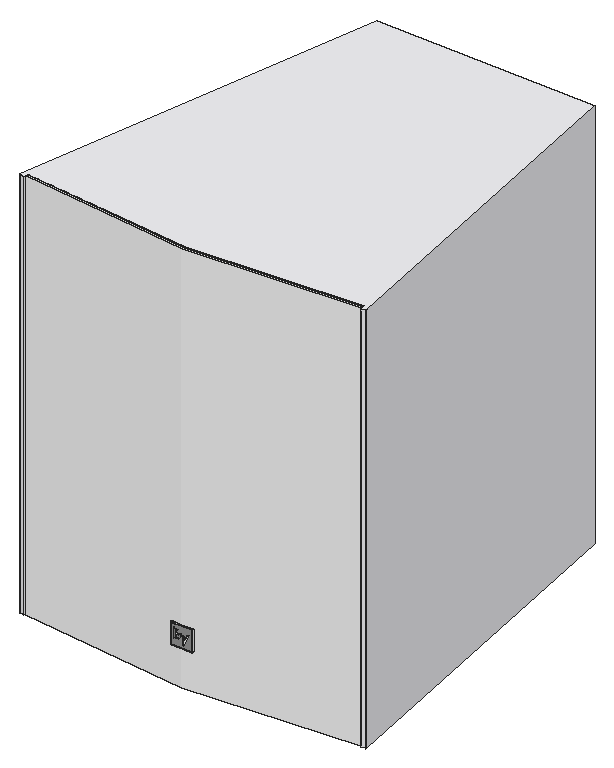
Revit family "EVF-1181S", category Communication Devices, Revit 2017
Family settings
  Maintain Annotation Orientation = Yes
  Round Connector Dimension = Use Diameter
  Part Type = Normal
  OmniClass Number = 23.85.10.11.11.21
  OmniClass Title = Speakers
  Work Plane-Based = Yes
  Always vertical = Yes
  Cut with Voids When Loaded = No
  Shared = No
  Room Calculation Point = No
Parameters (values of type "EVF1181SWLB_White_1X18_Subwoofer_System")
  Version = "1"
  Uniclass2015Code = "Pr_60_75_08_02"
  URL = ""
  ProductInformation = "https://www.electrovoice.com/binary/LIT000291.pdf"
  PlanningTools = "https://www.electrovoice.com/product.php?id=963#downloads"
  ModelNumber = "F.01U.272.555"
  Model = ""
  MaterialRALColour = "RAL9010"
  ManufacturerURL = "https://www.electrovoice.com"
  Manufacturer = "Electro Voice"
  LoudspeakerMaterial [instance] = 13-plyWeather-resistantBirchEVCoat -RAL9010
  GrillMaterial [instance] = 16GA Powder-coatedGalvanneal - W
  FrontLength = 675.64 mm  # constant formula
  Default Elevation = 0.00 mm
  CTN = "EVF1181SWLB"
  BackLength = 426.39 mm  # constant formula
  InstallationManual = "https://www.electrovoice.com/binary/LIT000291.pdf"
  IfcExportType = "IfcBuildingElementProxyType"
  IfcExportAs = "IfcBuildingElementProxy"
  Height = 768.55 mm  # constant formula
  Disclaimer = "http://resource.boschsecurity.com/information/BIM/Disclaimer_Electrovoice.pdf"
  Description = "EVS18SB 457mm LF Transducer. 99 dB Sensitivity, 131 dB Maximum SPL. System Rating: 400W Continuous, 1600W Peak.  (28) M10 threaded suspension points."
  Depth = 726.38 mm  # constant formula
  ArchitectsAndEngineersSpecs = "https://www.electrovoice.com/binary/LIT000291.pdf"
Reference planes
  plane 1 "Center (Front/Back)": y = 0
  plane 2: z = 0
  plane 3 "Center (Left/Right)": x = 0
Forms (mm)
  Extrusion 1, solid
    sketch origin (-218.808, 253.121, 151.949) x (0, 0, 1) y (0, -1, 0)
      loop
        line (-20.634, 250.621) -> (-5.289, 250.621) -> (-5.289, 253.121) -> (-20.634, 253.121) -> (-20.634, 250.621)
    from 217.781 to 244.634
  Extrusion 2, solid, material "16GA Powder-coatedGalvanneal - W" <- "GrillMaterial", detail levels medium+fine
    sketch origin (-0.165, -226.499, 0) x (1, 0, 0) y (0, 1, 0)
      loop
        line (-327.575, -483.206) -> (-328.443, -488.13)
        arc (-328.443, -488.13) -> (0.165, -515.973) -> (328.773, -488.13) r 1953.055
        line (328.773, -488.13) -> (327.905, -483.206)
        arc (327.905, -483.206) -> (0.165, -510.973) -> (-327.575, -483.206) r 1948.055
    from 0 to 768.55
  Extrusion 3, solid, material "13-plyWeather-resistantBirchEVCoat -RAL9010" <- "LoudspeakerMaterial"
    sketch origin (24.276, -254.036, 0) x (-1, 0, 0) y (0, -1, 0)
      loop
        line (-188.919, -254.036) -> (237.471, -254.036) -> (363.419, 460.251) -> (362.097, 461.573)
        arc (362.097, 461.573) -> (357.925, 462.299) -> (353.752, 463.016) r 1958.055
        line (353.752, 463.016) -> (352.016, 453.168)
        arc (352.016, 453.168) -> (24.276, 480.935) -> (-303.464, 453.168) r 1948.055
        line (-303.464, 453.168) -> (-305.201, 463.016)
        arc (-305.201, 463.016) -> (-309.374, 462.299) -> (-313.545, 461.573) r 1958.055
        line (-313.545, 461.573) -> (-314.867, 460.251) -> (-188.919, -254.036)
    from 0 to 768.55
Lines and regions (mm)
  model lines, detail levels medium+fine
    curve 1: circle (0.003, -37.857, 768.55) r 11.11 normal (0, 0, -1)
    curve 2: circle (0.003, -37.857, 768.55) r 11.06 normal (0, 0, -1)
    curve 3: circle (0.003, -37.857, 768.55) r 8.06 normal (0, 0, -1)
    curve 4: line (-204.394, -7.673, 768.55) -> (204.394, -7.673, 768.55)
    curve 5: line (-327.74, -707.204, 768.55) -> (-204.394, -7.673, 768.55)
    curve 6: line (327.74, -707.204, 768.55) -> (204.394, -7.673, 768.55)
    curve 8: circle (-236.14, -357.439, 768.55) r 11.11 normal (0, 0, -1)
    curve 9: circle (-236.14, -357.439, 768.55) r 11.06 normal (0, 0, -1)
    curve 10: circle (-236.14, -357.439, 768.55) r 8.06 normal (0, 0, -1)
    curve 11: circle (-192.728, -111.237, 768.55) r 11.11 normal (0, 0, -1)
    curve 12: circle (-192.728, -111.237, 768.55) r 11.06 normal (0, 0, -1)
    curve 13: circle (-192.728, -111.237, 768.55) r 8.06 normal (0, 0, -1)
    curve 14: circle (-279.552, -603.641, 768.55) r 11.11 normal (0, 0, -1)
    curve 15: circle (-279.552, -603.641, 768.55) r 11.06 normal (0, 0, -1)
    curve 16: circle (-279.552, -603.641, 768.55) r 8.06 normal (0, 0, -1)
    curve 17: circle (236.14, -357.439, 768.55) r 11.11 normal (0, 0, 1)
    curve 18: circle (236.14, -357.439, 768.55) r 11.06 normal (0, 0, 1)
    curve 19: circle (236.14, -357.439, 768.55) r 8.06 normal (0, 0, 1)
    curve 20: circle (192.728, -111.237, 768.55) r 11.11 normal (0, 0, 1)
    curve 21: circle (192.728, -111.237, 768.55) r 11.06 normal (0, 0, 1)
    curve 22: circle (192.728, -111.237, 768.55) r 8.06 normal (0, 0, 1)
    curve 23: circle (279.552, -603.641, 768.55) r 11.11 normal (0, 0, 1)
    curve 24: circle (279.552, -603.641, 768.55) r 11.06 normal (0, 0, 1)
    curve 25: circle (279.552, -603.641, 768.55) r 8.06 normal (0, 0, 1)
    curve 26: line (-213.195, 0, 768.55) -> (-204.394, -7.673, 768.55)
    curve 27: line (213.195, 0, 768.55) -> (204.394, -7.673, 768.55)
    curve 29: circle (333.357, -681.474, 659.32) r 8 normal (0.9848, 0.1736, 0)
    curve 32: circle (333.357, -681.474, 471.473) r 8 normal (0.9848, 0.1736, 0)
    curve 35: circle (333.357, -681.474, 296.473) r 8 normal (0.9848, 0.1736, 0)
    curve 38: circle (333.357, -681.474, 108.973) r 8 normal (0.9848, 0.1736, 0)
    curve 40: circle (318.42, -596.762, 738.55) r 12 normal (0.9848, 0.1736, 0)
    curve 42: circle (275.008, -350.56, 738.55) r 12 normal (0.9848, 0.1736, 0)
    curve 44: circle (231.596, -104.358, 738.55) r 12 normal (0.9848, 0.1736, 0)
    curve 46: circle (318.42, -596.762, 30) r 12 normal (-0.9848, -0.1736, 0)
    curve 48: circle (275.008, -350.56, 30) r 12 normal (-0.9848, -0.1736, 0)
    curve 50: circle (231.596, -104.358, 30) r 12 normal (-0.9848, -0.1736, 0)
    curve 52: circle (-333.354, -681.455, 659.338) r 8 normal (0.9848, -0.1736, 0)
    curve 53: circle (-333.357, -681.474, 659.32) r 8 normal (0.9848, -0.1736, 0)
    curve 55: circle (-333.354, -681.455, 471.49) r 8 normal (0.9848, -0.1736, 0)
    curve 56: circle (-333.357, -681.474, 471.473) r 8 normal (0.9848, -0.1736, 0)
    curve 58: circle (-333.354, -681.455, 296.49) r 8 normal (0.9848, -0.1736, 0)
    curve 59: circle (-333.357, -681.474, 296.473) r 8 normal (0.9848, -0.1736, 0)
    curve 61: circle (-333.354, -681.455, 108.99) r 8 normal (0.9848, -0.1736, 0)
    curve 62: circle (-333.357, -681.474, 108.973) r 8 normal (0.9848, -0.1736, 0)
    curve 64: circle (-318.42, -596.762, 738.55) r 12 normal (0.9848, -0.1736, 0)
    curve 66: circle (-275.008, -350.56, 738.55) r 12 normal (0.9848, -0.1736, 0)
    curve 68: circle (-231.596, -104.358, 738.55) r 12 normal (0.9848, -0.1736, 0)
    curve 70: circle (-318.42, -596.762, 30) r 12 normal (-0.9848, 0.1736, 0)
    curve 72: circle (-275.008, -350.56, 30) r 12 normal (-0.9848, 0.1736, 0)
    curve 74: circle (-231.596, -104.358, 30) r 12 normal (-0.9848, 0.1736, 0)
  model lines
    curve 7: line (-440.583, -450.191, 0) -> (-440.583, -450.691, 0)
    curve 28: circle (333.354, -681.455, 659.338) r 8 normal (0.9848, 0.1736, 0)
    curve 31: circle (333.354, -681.455, 471.49) r 8 normal (0.9848, 0.1736, 0)
    curve 34: circle (333.354, -681.455, 296.49) r 8 normal (0.9848, 0.1736, 0)
    curve 37: circle (333.354, -681.455, 108.99) r 8 normal (0.9848, 0.1736, 0)
  model lines, detail levels fine
    curve 30: circle (333.357, -681.474, 659.32) r 6 normal (0.9848, 0.1736, 0)
    curve 33: circle (333.357, -681.474, 471.473) r 6 normal (0.9848, 0.1736, 0)
    curve 36: circle (333.357, -681.474, 296.473) r 6 normal (0.9848, 0.1736, 0)
    curve 39: circle (333.357, -681.474, 108.973) r 6 normal (0.9848, 0.1736, 0)
    curve 41: circle (318.42, -596.762, 738.55) r 8 normal (0.9848, 0.1736, 0)
    curve 43: circle (275.008, -350.56, 738.55) r 8 normal (0.9848, 0.1736, 0)
    curve 45: circle (231.596, -104.358, 738.55) r 8 normal (0.9848, 0.1736, 0)
    curve 47: circle (318.42, -596.762, 30) r 8 normal (-0.9848, -0.1736, 0)
    curve 49: circle (275.008, -350.56, 30) r 8 normal (-0.9848, -0.1736, 0)
    curve 51: circle (231.596, -104.358, 30) r 8 normal (-0.9848, -0.1736, 0)
    curve 54: circle (-333.357, -681.474, 659.32) r 6 normal (0.9848, -0.1736, 0)
    curve 57: circle (-333.357, -681.474, 471.473) r 6 normal (0.9848, -0.1736, 0)
    curve 60: circle (-333.357, -681.474, 296.473) r 6 normal (0.9848, -0.1736, 0)
    curve 63: circle (-333.357, -681.474, 108.973) r 6 normal (0.9848, -0.1736, 0)
    curve 65: circle (-318.42, -596.762, 738.55) r 8 normal (0.9848, -0.1736, 0)
    curve 67: circle (-275.008, -350.56, 738.55) r 8 normal (0.9848, -0.1736, 0)
    curve 69: circle (-231.596, -104.358, 738.55) r 8 normal (0.9848, -0.1736, 0)
    curve 71: circle (-318.42, -596.762, 30) r 8 normal (-0.9848, 0.1736, 0)
    curve 73: circle (-275.008, -350.56, 30) r 8 normal (-0.9848, 0.1736, 0)
    curve 75: circle (-231.596, -104.358, 30) r 8 normal (-0.9848, 0.1736, 0)
  model lines, not visible
    curve 76: circle (333.354, -681.455, 659.338) r 8 normal (0.9848, 0.1736, 0)
    curve 79: circle (333.354, -681.455, 471.49) r 8 normal (0.9848, 0.1736, 0)
    curve 82: circle (333.354, -681.455, 296.49) r 8 normal (0.9848, 0.1736, 0)
    curve 85: circle (333.354, -681.455, 108.99) r 8 normal (0.9848, 0.1736, 0)
  model lines, not visible, detail levels medium+fine
    curve 77: circle (333.357, -681.474, 659.32) r 8 normal (0.9848, 0.1736, 0)
    curve 80: circle (333.357, -681.474, 471.473) r 8 normal (0.9848, 0.1736, 0)
    curve 83: circle (333.357, -681.474, 296.473) r 8 normal (0.9848, 0.1736, 0)
    curve 86: circle (333.357, -681.474, 108.973) r 8 normal (0.9848, 0.1736, 0)
    curve 88: circle (318.42, -596.762, 738.55) r 12 normal (0.9848, 0.1736, 0)
    curve 90: circle (275.008, -350.56, 738.55) r 12 normal (0.9848, 0.1736, 0)
    curve 92: circle (231.596, -104.358, 738.55) r 12 normal (0.9848, 0.1736, 0)
    curve 94: circle (318.42, -596.762, 30) r 12 normal (-0.9848, -0.1736, 0)
    curve 96: circle (275.008, -350.56, 30) r 12 normal (-0.9848, -0.1736, 0)
    curve 98: circle (231.596, -104.358, 30) r 12 normal (-0.9848, -0.1736, 0)
    curve 100: circle (-333.354, -681.455, 659.338) r 8 normal (0.9848, -0.1736, 0)
    curve 101: circle (-333.357, -681.474, 659.32) r 8 normal (0.9848, -0.1736, 0)
    curve 103: circle (-333.354, -681.455, 471.49) r 8 normal (0.9848, -0.1736, 0)
    curve 104: circle (-333.357, -681.474, 471.473) r 8 normal (0.9848, -0.1736, 0)
    curve 106: circle (-333.354, -681.455, 296.49) r 8 normal (0.9848, -0.1736, 0)
    curve 107: circle (-333.357, -681.474, 296.473) r 8 normal (0.9848, -0.1736, 0)
    curve 109: circle (-333.354, -681.455, 108.99) r 8 normal (0.9848, -0.1736, 0)
    curve 110: circle (-333.357, -681.474, 108.973) r 8 normal (0.9848, -0.1736, 0)
    curve 112: circle (-318.42, -596.762, 738.55) r 12 normal (0.9848, -0.1736, 0)
    curve 114: circle (-275.008, -350.56, 738.55) r 12 normal (0.9848, -0.1736, 0)
    curve 116: circle (-231.596, -104.358, 738.55) r 12 normal (0.9848, -0.1736, 0)
    curve 118: circle (-318.42, -596.762, 30) r 12 normal (-0.9848, 0.1736, 0)
    curve 120: circle (-275.008, -350.56, 30) r 12 normal (-0.9848, 0.1736, 0)
    curve 122: circle (-231.596, -104.358, 30) r 12 normal (-0.9848, 0.1736, 0)
    curve 124: circle (0.003, -37.857, 768.55) r 11.11 normal (0, 0, -1)
    curve 125: circle (0.003, -37.857, 768.55) r 11.06 normal (0, 0, -1)
    curve 126: circle (0.003, -37.857, 768.55) r 8.06 normal (0, 0, -1)
    curve 127: line (-204.394, -7.673, 768.55) -> (204.394, -7.673, 768.55)
    curve 128: line (-327.74, -707.204, 768.55) -> (-204.394, -7.673, 768.55)
    curve 129: line (327.74, -707.204, 768.55) -> (204.394, -7.673, 768.55)
    curve 130: circle (-236.14, -357.439, 768.55) r 11.11 normal (0, 0, -1)
    curve 131: circle (-236.14, -357.439, 768.55) r 11.06 normal (0, 0, -1)
    curve 132: circle (-236.14, -357.439, 768.55) r 8.06 normal (0, 0, -1)
    curve 133: circle (-192.728, -111.237, 768.55) r 11.11 normal (0, 0, -1)
    curve 134: circle (-192.728, -111.237, 768.55) r 11.06 normal (0, 0, -1)
    curve 135: circle (-192.728, -111.237, 768.55) r 8.06 normal (0, 0, -1)
    curve 136: circle (-279.552, -603.641, 768.55) r 11.11 normal (0, 0, -1)
    curve 137: circle (-279.552, -603.641, 768.55) r 11.06 normal (0, 0, -1)
    curve 138: circle (-279.552, -603.641, 768.55) r 8.06 normal (0, 0, -1)
    curve 139: circle (236.14, -357.439, 768.55) r 11.11 normal (0, 0, 1)
    curve 140: circle (236.14, -357.439, 768.55) r 11.06 normal (0, 0, 1)
    curve 141: circle (236.14, -357.439, 768.55) r 8.06 normal (0, 0, 1)
    curve 142: circle (192.728, -111.237, 768.55) r 11.11 normal (0, 0, 1)
    curve 143: circle (192.728, -111.237, 768.55) r 11.06 normal (0, 0, 1)
    curve 144: circle (192.728, -111.237, 768.55) r 8.06 normal (0, 0, 1)
    curve 145: circle (279.552, -603.641, 768.55) r 11.11 normal (0, 0, 1)
    curve 146: circle (279.552, -603.641, 768.55) r 11.06 normal (0, 0, 1)
    curve 147: circle (279.552, -603.641, 768.55) r 8.06 normal (0, 0, 1)
    curve 148: line (-213.195, 0, 768.55) -> (-204.394, -7.673, 768.55)
    curve 149: line (213.195, 0, 768.55) -> (204.394, -7.673, 768.55)
  model lines, not visible, detail levels fine
    curve 78: circle (333.357, -681.474, 659.32) r 6 normal (0.9848, 0.1736, 0)
    curve 81: circle (333.357, -681.474, 471.473) r 6 normal (0.9848, 0.1736, 0)
    curve 84: circle (333.357, -681.474, 296.473) r 6 normal (0.9848, 0.1736, 0)
    curve 87: circle (333.357, -681.474, 108.973) r 6 normal (0.9848, 0.1736, 0)
    curve 89: circle (318.42, -596.762, 738.55) r 8 normal (0.9848, 0.1736, 0)
    curve 91: circle (275.008, -350.56, 738.55) r 8 normal (0.9848, 0.1736, 0)
    curve 93: circle (231.596, -104.358, 738.55) r 8 normal (0.9848, 0.1736, 0)
    curve 95: circle (318.42, -596.762, 30) r 8 normal (-0.9848, -0.1736, 0)
    curve 97: circle (275.008, -350.56, 30) r 8 normal (-0.9848, -0.1736, 0)
    curve 99: circle (231.596, -104.358, 30) r 8 normal (-0.9848, -0.1736, 0)
    curve 102: circle (-333.357, -681.474, 659.32) r 6 normal (0.9848, -0.1736, 0)
    curve 105: circle (-333.357, -681.474, 471.473) r 6 normal (0.9848, -0.1736, 0)
    curve 108: circle (-333.357, -681.474, 296.473) r 6 normal (0.9848, -0.1736, 0)
    curve 111: circle (-333.357, -681.474, 108.973) r 6 normal (0.9848, -0.1736, 0)
    curve 113: circle (-318.42, -596.762, 738.55) r 8 normal (0.9848, -0.1736, 0)
    curve 115: circle (-275.008, -350.56, 738.55) r 8 normal (0.9848, -0.1736, 0)
    curve 117: circle (-231.596, -104.358, 738.55) r 8 normal (0.9848, -0.1736, 0)
    curve 119: circle (-318.42, -596.762, 30) r 8 normal (-0.9848, 0.1736, 0)
    curve 121: circle (-275.008, -350.56, 30) r 8 normal (-0.9848, 0.1736, 0)
    curve 123: circle (-231.596, -104.358, 30) r 8 normal (-0.9848, 0.1736, 0)
Dimensions and locks
  "Height": Extrusion 3 to Extrusion 3
  "Height": Extrusion 2 to Extrusion 3
  "BackLength": Extrusion 3 to Extrusion 3
  "Depth": Extrusion 3 to Extrusion 3
  "FrontLength": Extrusion 3 to Extrusion 3
  angle Extrusion 3 to Extrusion 3 = 20.00°
  aligned and locked: plane 2 to level
Automatic sketch dimensions
  Extrusion 1 sketch curve to plane 1 "Center (Front/Back)" = 0.00 mm
  level to Extrusion 1 sketch curve = 131.315 mm
  Extrusion 1 sketch curve to Extrusion 1 sketch curve = 15.346 mm
  Extrusion 1 sketch curve to plane 1 "Center (Front/Back)" = 2.50 mm
  plane 3 "Center (Left/Right)" to Extrusion 2 sketch curve = 0.00 mm
  plane 3 "Center (Left/Right)" to Extrusion 2 sketch curve = 327.74 mm
  Extrusion 2 sketch curve to Extrusion 2 sketch curve = 0.868 mm  (x2)
  plane 1 "Center (Front/Back)" to Extrusion 2 sketch curve = 714.628 mm
  Extrusion 2 sketch curve to Extrusion 2 sketch curve = 0.00 mm  (x3)
  Extrusion 2 sketch curve to plane 1 "Center (Front/Back)" = 1210.583 mm
  plane 1 "Center (Front/Back)" to curve 7 = 450.691 mm
  curve 7 to curve 7 = 0.50 mm
  curve 7 to plane 3 "Center (Left/Right)" = 440.583 mm
  Extrusion 2 sketch curve to Extrusion 2 sketch curve = 4.924 mm
  curve 1 to curve 2 = 0.00 mm  (x2)
  curve 1 to curve 3 = 0.00 mm  (x2)
  curve 2 to curve 3 = 0.00 mm  (x2)
  curve 8 to curve 9 = 0.00 mm  (x2)
  curve 8 to curve 10 = 0.00 mm  (x2)
  curve 9 to curve 10 = 0.00 mm  (x2)
  curve 11 to curve 12 = 0.00 mm  (x2)
  curve 11 to curve 13 = 0.00 mm  (x2)
  curve 12 to curve 13 = 0.00 mm  (x2)
  curve 14 to curve 15 = 0.00 mm  (x2)
  curve 14 to curve 16 = 0.00 mm  (x2)
  curve 15 to curve 16 = 0.00 mm  (x2)
  curve 17 to curve 18 = 0.00 mm  (x2)
  curve 17 to curve 19 = 0.00 mm  (x2)
  curve 18 to curve 19 = 0.00 mm  (x2)
  curve 20 to curve 21 = 0.00 mm  (x2)
  curve 20 to curve 22 = 0.00 mm  (x2)
  curve 21 to curve 22 = 0.00 mm  (x2)
  curve 23 to curve 24 = 0.00 mm  (x2)
  curve 23 to curve 25 = 0.00 mm  (x2)
  curve 24 to curve 25 = 0.00 mm  (x2)
  curve 14 to curve 10 = 43.412 mm
  curve 8 to curve 4 = 31.747 mm
  curve 4 to curve 13 = 11.666 mm
  curve 11 to curve 1 = 192.731 mm
  curve 1 to curve 20 = 192.725 mm
  curve 20 to curve 27 = 11.666 mm
  curve 20 to curve 18 = 43.412 mm
  curve 17 to curve 23 = 43.412 mm
  curve 14 to curve 23 = 0.00 mm
  curve 14 to curve 8 = 246.202 mm
  curve 23 to curve 19 = 246.202 mm
  curve 8 to curve 13 = 246.202 mm
  curve 17 to curve 20 = 246.202 mm
  curve 20 to curve 1 = 73.379 mm
  curve 11 to curve 5 = 103.564 mm
  curve 5 to curve 14 = 48.188 mm
  curve 26 to curve 26 = 8.801 mm
  curve 4 to curve 27 = 8.801 mm
  curve 23 to curve 6 = 48.188 mm
  curve 6 to curve 23 = 103.564 mm
  curve 5 to curve 14 = 103.564 mm
  curve 4 to curve 27 = 7.673 mm
  curve 26 to curve 26 = 7.673 mm
  curve 29 to curve 30 = 0.00 mm  (x2)
  curve 32 to curve 33 = 0.00 mm  (x2)
  curve 35 to curve 36 = 0.00 mm  (x2)
  curve 38 to curve 39 = 0.00 mm  (x2)
  curve 40 to curve 41 = 0.00 mm  (x2)
  curve 42 to curve 43 = 0.00 mm  (x2)
  curve 44 to curve 45 = 0.00 mm  (x2)
  curve 46 to curve 47 = 0.00 mm  (x2)
  curve 48 to curve 49 = 0.00 mm  (x2)
  curve 50 to curve 51 = 0.00 mm  (x2)
  curve 29 to curve 38 = 0.00 mm
  curve 36 to curve 38 = 0.00 mm
  curve 32 to curve 35 = 0.00 mm
  curve 38 to curve 37 = 0.019 mm
  curve 32 to curve 31 = 0.019 mm
  curve 35 to curve 34 = 0.019 mm
  curve 29 to curve 28 = 0.019 mm
  curve 28 to curve 40 = 86.00 mm
  curve 37 to curve 47 = 86.00 mm
  curve 46 to curve 48 = 250.00 mm
  curve 40 to curve 43 = 250.00 mm
  curve 42 to curve 45 = 250.00 mm
  curve 48 to curve 50 = 250.00 mm
  curve 50 to curve 47 = 0.00 mm
  curve 50 to curve 48 = 0.00 mm
  curve 46 to curve 38 = 78.973 mm
  curve 38 to curve 37 = 0.018 mm
  curve 37 to curve 36 = 187.482 mm
  curve 35 to curve 34 = 0.018 mm
  curve 34 to curve 32 = 174.982 mm
  curve 32 to curve 31 = 0.018 mm
  curve 31 to curve 29 = 187.83 mm
  curve 29 to curve 28 = 0.018 mm
  curve 28 to curve 44 = 79.212 mm
  curve 44 to curve 43 = 0.00 mm
  curve 28 to curve 41 = 79.212 mm
  curve 53 to curve 54 = 0.00 mm  (x2)
  curve 56 to curve 57 = 0.00 mm  (x2)
  curve 59 to curve 60 = 0.00 mm  (x2)
  curve 62 to curve 63 = 0.00 mm  (x2)
  curve 64 to curve 65 = 0.00 mm  (x2)
  curve 66 to curve 67 = 0.00 mm  (x2)
  curve 68 to curve 69 = 0.00 mm  (x2)
  curve 70 to curve 71 = 0.00 mm  (x2)
  curve 72 to curve 73 = 0.00 mm  (x2)
  curve 74 to curve 75 = 0.00 mm  (x2)
  curve 53 to curve 62 = 0.00 mm
  curve 60 to curve 62 = 0.00 mm
  curve 56 to curve 59 = 0.00 mm
  curve 62 to curve 61 = 0.019 mm
  curve 56 to curve 55 = 0.019 mm
  curve 59 to curve 58 = 0.019 mm
  curve 53 to curve 52 = 0.019 mm
  curve 52 to curve 64 = 86.00 mm
  curve 61 to curve 71 = 86.00 mm
  curve 70 to curve 72 = 250.00 mm
  curve 64 to curve 67 = 250.00 mm
  curve 66 to curve 69 = 250.00 mm
  curve 72 to curve 74 = 250.00 mm
  curve 67 to curve 68 = 0.00 mm
  curve 65 to curve 66 = 0.00 mm
  curve 64 to curve 52 = 79.212 mm
  curve 52 to curve 54 = 0.018 mm
  curve 53 to curve 55 = 187.83 mm
  curve 55 to curve 57 = 0.018 mm
  curve 56 to curve 58 = 174.982 mm
  curve 58 to curve 59 = 0.018 mm
  curve 59 to curve 61 = 187.482 mm
  curve 61 to curve 62 = 0.018 mm
  curve 61 to curve 70 = 78.99 mm
  curve 70 to curve 72 = 0.00 mm
  curve 72 to curve 74 = 0.00 mm
  curve 77 to curve 78 = 0.00 mm  (x2)
  curve 80 to curve 81 = 0.00 mm  (x2)
  curve 83 to curve 84 = 0.00 mm  (x2)
  curve 86 to curve 87 = 0.00 mm  (x2)
  curve 88 to curve 89 = 0.00 mm  (x2)
  curve 90 to curve 91 = 0.00 mm  (x2)
  curve 92 to curve 93 = 0.00 mm  (x2)
  curve 94 to curve 95 = 0.00 mm  (x2)
  curve 96 to curve 97 = 0.00 mm  (x2)
  curve 98 to curve 99 = 0.00 mm  (x2)
  curve 77 to curve 86 = 0.00 mm
  curve 84 to curve 86 = 0.00 mm
  curve 80 to curve 83 = 0.00 mm
  curve 86 to curve 85 = 0.019 mm
  curve 80 to curve 79 = 0.019 mm
  curve 83 to curve 82 = 0.019 mm
  curve 77 to curve 76 = 0.019 mm
  curve 76 to curve 88 = 86.00 mm
  curve 85 to curve 95 = 86.00 mm
  curve 94 to curve 96 = 250.00 mm
  curve 88 to curve 91 = 250.00 mm
  curve 90 to curve 93 = 250.00 mm
  curve 96 to curve 98 = 250.00 mm
  curve 98 to curve 95 = 0.00 mm
  curve 98 to curve 96 = 0.00 mm
  curve 94 to curve 86 = 78.973 mm
  curve 86 to curve 85 = 0.018 mm
  curve 85 to curve 84 = 187.482 mm
  curve 83 to curve 82 = 0.018 mm
  curve 82 to curve 80 = 174.982 mm
  curve 80 to curve 79 = 0.018 mm
  curve 79 to curve 77 = 187.83 mm
  curve 77 to curve 76 = 0.018 mm
  curve 76 to curve 92 = 79.212 mm
  curve 92 to curve 91 = 0.00 mm
  curve 76 to curve 89 = 79.212 mm
  curve 101 to curve 102 = 0.00 mm  (x2)
  curve 104 to curve 105 = 0.00 mm  (x2)
  curve 107 to curve 108 = 0.00 mm  (x2)
  curve 110 to curve 111 = 0.00 mm  (x2)
  curve 112 to curve 113 = 0.00 mm  (x2)
  curve 114 to curve 115 = 0.00 mm  (x2)
  curve 116 to curve 117 = 0.00 mm  (x2)
  curve 118 to curve 119 = 0.00 mm  (x2)
  curve 120 to curve 121 = 0.00 mm  (x2)
  curve 122 to curve 123 = 0.00 mm  (x2)
  curve 101 to curve 110 = 0.00 mm
  curve 108 to curve 110 = 0.00 mm
  curve 104 to curve 107 = 0.00 mm
  curve 110 to curve 109 = 0.019 mm
  curve 104 to curve 103 = 0.019 mm
  curve 107 to curve 106 = 0.019 mm
  curve 101 to curve 100 = 0.019 mm
  curve 100 to curve 112 = 86.00 mm
  curve 109 to curve 119 = 86.00 mm
  curve 118 to curve 120 = 250.00 mm
  curve 112 to curve 115 = 250.00 mm
  curve 114 to curve 117 = 250.00 mm
  curve 120 to curve 122 = 250.00 mm
  curve 115 to curve 116 = 0.00 mm
  curve 113 to curve 114 = 0.00 mm
  curve 112 to curve 100 = 79.212 mm
  curve 100 to curve 102 = 0.018 mm
  curve 101 to curve 103 = 187.83 mm
  curve 103 to curve 105 = 0.018 mm
  curve 104 to curve 106 = 174.982 mm
  curve 106 to curve 107 = 0.018 mm
  curve 107 to curve 109 = 187.482 mm
  curve 109 to curve 110 = 0.018 mm
  curve 109 to curve 118 = 78.99 mm
  curve 118 to curve 120 = 0.00 mm
  curve 120 to curve 122 = 0.00 mm
  curve 124 to curve 125 = 0.00 mm  (x2)
  curve 124 to curve 126 = 0.00 mm  (x2)
  curve 125 to curve 126 = 0.00 mm  (x2)
  curve 130 to curve 131 = 0.00 mm  (x2)
  curve 130 to curve 132 = 0.00 mm  (x2)
  curve 131 to curve 132 = 0.00 mm  (x2)
  curve 133 to curve 134 = 0.00 mm  (x2)
  curve 133 to curve 135 = 0.00 mm  (x2)
  curve 134 to curve 135 = 0.00 mm  (x2)
  curve 136 to curve 137 = 0.00 mm  (x2)
  curve 136 to curve 138 = 0.00 mm  (x2)
  curve 137 to curve 138 = 0.00 mm  (x2)
  curve 139 to curve 140 = 0.00 mm  (x2)
  curve 139 to curve 141 = 0.00 mm  (x2)
  curve 140 to curve 141 = 0.00 mm  (x2)
  curve 142 to curve 143 = 0.00 mm  (x2)
  curve 142 to curve 144 = 0.00 mm  (x2)
  curve 143 to curve 144 = 0.00 mm  (x2)
  curve 145 to curve 146 = 0.00 mm  (x2)
  curve 145 to curve 147 = 0.00 mm  (x2)
  curve 146 to curve 147 = 0.00 mm  (x2)
  curve 136 to curve 132 = 43.412 mm
  curve 130 to curve 127 = 31.747 mm
  curve 127 to curve 135 = 11.666 mm
  curve 133 to curve 124 = 192.731 mm
  curve 124 to curve 142 = 192.725 mm
  curve 142 to curve 149 = 11.666 mm
  curve 142 to curve 140 = 43.412 mm
  curve 139 to curve 145 = 43.412 mm
  curve 136 to curve 145 = 0.00 mm
  curve 136 to curve 130 = 246.202 mm
  curve 145 to curve 141 = 246.202 mm
  curve 130 to curve 135 = 246.202 mm
  curve 139 to curve 142 = 246.202 mm
  curve 142 to curve 124 = 73.379 mm
  curve 133 to curve 128 = 103.564 mm
  curve 128 to curve 136 = 48.188 mm
  curve 148 to curve 148 = 8.801 mm
  curve 127 to curve 149 = 8.801 mm
  curve 145 to curve 129 = 48.188 mm
  curve 129 to curve 145 = 103.564 mm
  curve 128 to curve 136 = 103.564 mm
  curve 127 to curve 149 = 7.673 mm
  curve 148 to curve 148 = 7.673 mm
  Extrusion 3 sketch curve to Extrusion 3 sketch curve = 0.00 mm  (x4)
  plane 1 "Center (Front/Back)" to Extrusion 3 sketch curve = 0.00 mm
  Extrusion 3 sketch curve to plane 3 "Center (Left/Right)" = 0.00 mm
  plane 3 "Center (Left/Right)" to Extrusion 3 sketch curve = 213.195 mm
  plane 3 "Center (Left/Right)" to Extrusion 3 sketch curve = 327.74 mm
  Extrusion 3 sketch curve to Extrusion 3 sketch curve = 1.737 mm  (x2)
  Extrusion 3 sketch curve to Extrusion 3 sketch curve = 1.322 mm  (x3)
  Extrusion 3 sketch curve to plane 3 "Center (Left/Right)" = 213.195 mm
  Extrusion 3 sketch curve to plane 3 "Center (Left/Right)" = 327.74 mm
  Extrusion 3 sketch curve to Extrusion 3 sketch curve = 8.345 mm
  Extrusion 3 sketch curve to plane 1 "Center (Front/Back)" = 1213.083 mm
  plane 1 "Center (Front/Back)" to Extrusion 3 sketch curve = 707.204 mm
  Extrusion 3 sketch curve to Extrusion 3 sketch curve = 7.083 mm  (x2)
  Extrusion 3 sketch curve to Extrusion 3 sketch curve = 9.667 mm
  Extrusion 3 sketch curve to Extrusion 3 sketch curve = 9.848 mm
  radius of curve 1 = 11.11 mm
  radius of curve 2 = 11.06 mm
  radius of curve 3 = 8.06 mm
  radius of curve 8 = 11.11 mm
  radius of curve 9 = 11.06 mm
  radius of curve 10 = 8.06 mm
  radius of curve 11 = 11.11 mm
  radius of curve 12 = 11.06 mm
  radius of curve 13 = 8.06 mm
  radius of curve 14 = 11.11 mm
  radius of curve 15 = 11.06 mm
  radius of curve 16 = 8.06 mm
  radius of curve 17 = 11.11 mm
  radius of curve 18 = 11.06 mm
  radius of curve 19 = 8.06 mm
  radius of curve 20 = 11.11 mm
  radius of curve 21 = 11.06 mm
  radius of curve 22 = 8.06 mm
  radius of curve 23 = 11.11 mm
  radius of curve 24 = 11.06 mm
  radius of curve 25 = 8.06 mm
  radius of curve 28 = 8.00 mm
  radius of curve 29 = 8.00 mm
  radius of curve 30 = 6.00 mm
  radius of curve 31 = 8.00 mm
  radius of curve 32 = 8.00 mm
  radius of curve 33 = 6.00 mm
  radius of curve 34 = 8.00 mm
  radius of curve 35 = 8.00 mm
  radius of curve 36 = 6.00 mm
  radius of curve 37 = 8.00 mm
  radius of curve 38 = 8.00 mm
  radius of curve 39 = 6.00 mm
  radius of curve 40 = 12.00 mm
  radius of curve 41 = 8.00 mm
  radius of curve 42 = 12.00 mm
  radius of curve 43 = 8.00 mm
  radius of curve 44 = 12.00 mm
  radius of curve 45 = 8.00 mm
  radius of curve 46 = 12.00 mm
  radius of curve 47 = 8.00 mm
  radius of curve 48 = 12.00 mm
  radius of curve 49 = 8.00 mm
  radius of curve 50 = 12.00 mm
  radius of curve 51 = 8.00 mm
  radius of curve 52 = 8.00 mm
  radius of curve 53 = 8.00 mm
  radius of curve 54 = 6.00 mm
  radius of curve 55 = 8.00 mm
  radius of curve 56 = 8.00 mm
  radius of curve 57 = 6.00 mm
  radius of curve 58 = 8.00 mm
  radius of curve 59 = 8.00 mm
  radius of curve 60 = 6.00 mm
  radius of curve 61 = 8.00 mm
  radius of curve 62 = 8.00 mm
  radius of curve 63 = 6.00 mm
  radius of curve 64 = 12.00 mm
  radius of curve 65 = 8.00 mm
  radius of curve 66 = 12.00 mm
  radius of curve 67 = 8.00 mm
  radius of curve 68 = 12.00 mm
  radius of curve 69 = 8.00 mm
  radius of curve 70 = 12.00 mm
  radius of curve 71 = 8.00 mm
  radius of curve 72 = 12.00 mm
  radius of curve 73 = 8.00 mm
  radius of curve 74 = 12.00 mm
  radius of curve 75 = 8.00 mm
  radius of curve 76 = 8.00 mm
  radius of curve 77 = 8.00 mm
  radius of curve 78 = 6.00 mm
  radius of curve 79 = 8.00 mm
  radius of curve 80 = 8.00 mm
  radius of curve 81 = 6.00 mm
  radius of curve 82 = 8.00 mm
  radius of curve 83 = 8.00 mm
  radius of curve 84 = 6.00 mm
  radius of curve 85 = 8.00 mm
  radius of curve 86 = 8.00 mm
  radius of curve 87 = 6.00 mm
  radius of curve 88 = 12.00 mm
  radius of curve 89 = 8.00 mm
  radius of curve 90 = 12.00 mm
  radius of curve 91 = 8.00 mm
  radius of curve 92 = 12.00 mm
  radius of curve 93 = 8.00 mm
  radius of curve 94 = 12.00 mm
  radius of curve 95 = 8.00 mm
  radius of curve 96 = 12.00 mm
  radius of curve 97 = 8.00 mm
  radius of curve 98 = 12.00 mm
  radius of curve 99 = 8.00 mm
  radius of curve 100 = 8.00 mm
  radius of curve 101 = 8.00 mm
  radius of curve 102 = 6.00 mm
  radius of curve 103 = 8.00 mm
  radius of curve 104 = 8.00 mm
  radius of curve 105 = 6.00 mm
  radius of curve 106 = 8.00 mm
  radius of curve 107 = 8.00 mm
  radius of curve 108 = 6.00 mm
  radius of curve 109 = 8.00 mm
  radius of curve 110 = 8.00 mm
  radius of curve 111 = 6.00 mm
  radius of curve 112 = 12.00 mm
  radius of curve 113 = 8.00 mm
  radius of curve 114 = 12.00 mm
  radius of curve 115 = 8.00 mm
  radius of curve 116 = 12.00 mm
  radius of curve 117 = 8.00 mm
  radius of curve 118 = 12.00 mm
  radius of curve 119 = 8.00 mm
  radius of curve 120 = 12.00 mm
  radius of curve 121 = 8.00 mm
  radius of curve 122 = 12.00 mm
  radius of curve 123 = 8.00 mm
  radius of curve 124 = 11.11 mm
  radius of curve 125 = 11.06 mm
  radius of curve 126 = 8.06 mm
  radius of curve 130 = 11.11 mm
  radius of curve 131 = 11.06 mm
  radius of curve 132 = 8.06 mm
  radius of curve 133 = 11.11 mm
  radius of curve 134 = 11.06 mm
  radius of curve 135 = 8.06 mm
  radius of curve 136 = 11.11 mm
  radius of curve 137 = 11.06 mm
  radius of curve 138 = 8.06 mm
  radius of curve 139 = 11.11 mm
  radius of curve 140 = 11.06 mm
  radius of curve 141 = 8.06 mm
  radius of curve 142 = 11.11 mm
  radius of curve 143 = 11.06 mm
  radius of curve 144 = 8.06 mm
  radius of curve 145 = 11.11 mm
  radius of curve 146 = 11.06 mm
  radius of curve 147 = 8.06 mm
Nested families
  nested 1: "InputPanelV" at (0.031, 0.022, 51.922), LoudspeakerMaterial <- "LoudspeakerMaterial", type "InputPanelV", detail levels medium+fine
    with LoudspeakerMaterial 13-plyWeather-resistantBirchEVCoat -RAL9010
  nested 2: "L-EV" at (0, -741.971, 88.55), type "L-EV", detail levels medium+fine
Connectors
  electrical at (12.4, 2.5, 138.988)
    settings: on Extrusion 1, index 2, voltage 0 V, apparent load 0 VA, apparent load phase1 0 VA, apparent load phase2 0 VA, apparent load phase3 0 VA, power factor 1, load classification "Other", number of poles 1, system type 31, power factor state 1, is connector primary yes, connector utility no, sub classification motor no, connector description ""
Definition of nested family "InputPanelV"
  Parameters (values of type "InputPanelV")
    Material = "RAL9004"
    LoudspeakerMaterial [instance] = none
    Default Elevation = 1219.20 mm
  Reference planes
    plane 1 "Center (Front/Back)": y = 0
    plane 2: z = 0
    plane 3 "Center (Left/Right)": x = 0
  Forms (mm)
    Extrusion 1, solid, material <- "LoudspeakerMaterial", not visible
      sketch origin (-134.089, -0.5, 42.57) x (0, 0, -1) y (1, 0, 0)
        loop
          arc (-236.652, 198.043) -> (-237.266, 197.789) -> (-237.521, 197.174) r 0.869
          line (-237.521, 197.174) -> (-237.521, 70.264)
          arc (-237.521, 70.264) -> (-237.266, 69.649) -> (-236.652, 69.395) r 0.869
          line (-236.652, 69.395) -> (41.701, 69.395)
          arc (41.701, 69.395) -> (42.316, 69.649) -> (42.57, 70.264) r 0.869
          line (42.57, 70.264) -> (42.57, 197.174)
          arc (42.57, 197.174) -> (42.316, 197.789) -> (41.701, 198.043) r 0.869
          line (41.701, 198.043) -> (-236.652, 198.043)
      from 0 to -0.5
    Extrusion 2, solid, material <- "LoudspeakerMaterial", detail levels medium+fine
      sketch origin (-61.076, 0, 141.306) x (0, 0, -1) y (1, 0, 0)
        loop
          line (134.909, 125.031) -> (-132.479, 125.031)
          arc (-132.479, 125.031) -> (-136.938, 123.184) -> (-138.785, 118.724) r 6.306
          line (-138.785, 118.724) -> (-138.785, 2.656)
          arc (-138.785, 2.656) -> (-137.145, -1.571) -> (-133.106, -3.618) r 6.306
          line (-133.106, -3.618) -> (134.923, -3.618)
          arc (134.923, -3.618) -> (139.382, -1.771) -> (141.229, 2.689) r 6.306
          line (141.229, 2.689) -> (141.215, 118.725)
          arc (141.215, 118.725) -> (139.367, 123.184) -> (134.909, 125.031) r 6.306
        loop
          line (-32, 109) -> (-119, 109)
          arc (-119, 109) -> (-122.536, 107.536) -> (-124, 104) r 5
          line (-124, 104) -> (-124, 18.073)
          arc (-124, 18.073) -> (-122.536, 14.537) -> (-119, 13.073) r 5
          line (-119, 13.073) -> (-32, 13.068)
          arc (-32, 13.068) -> (-28.464, 14.537) -> (-27, 18.073) r 5
          line (-27, 18.073) -> (-27, 104)
          arc (-27, 104) -> (-28.464, 107.536) -> (-32, 109) r 5
        loop
          line (121.931, 109) -> (-17.996, 109)
          arc (-17.996, 109) -> (-21.532, 107.536) -> (-22.996, 104) r 5
          line (-22.996, 104) -> (-22.996, 18.073)
          arc (-22.996, 18.073) -> (-21.532, 14.537) -> (-17.996, 13.073) r 5
          line (-17.996, 13.073) -> (121.931, 13.068)
          arc (121.931, 13.068) -> (125.466, 14.537) -> (126.931, 18.073) r 5
          line (126.931, 18.073) -> (126.931, 104)
          arc (126.931, 104) -> (125.466, 107.536) -> (121.931, 109) r 5
        loop
          circle (-131.217, 117.431) r 2.623
        loop
          circle (-43.03, 117.431) r 2.623
        loop
          circle (45.408, 117.431) r 2.623
        loop
          circle (133.136, 117.431) r 2.623
        loop
          circle (-131.469, 3.695) r 2.623
        loop
          circle (-43.281, 3.695) r 2.623
        loop
          circle (45.157, 3.695) r 2.623
        loop
          circle (132.885, 3.695) r 2.623
      from 0 to 10
    Extrusion 3, solid, material <- "LoudspeakerMaterial", detail levels fine
      sketch origin (-61.076, 0, 141.306) x (0, 0, -1) y (1, 0, 0)
        loop
          arc (-17.996, 109) -> (-21.532, 107.536) -> (-22.996, 104) r 5
          line (-22.996, 104) -> (-22.996, 18.073)
          arc (-22.996, 18.073) -> (-21.53, 14.535) -> (-17.996, 13.068) r 5
          line (-17.996, 13.068) -> (121.931, 13.073)
          arc (121.931, 13.073) -> (125.466, 14.537) -> (126.931, 18.073) r 5
          line (126.931, 18.073) -> (126.931, 104)
          arc (126.931, 104) -> (125.466, 107.536) -> (121.931, 109) r 5
          line (121.931, 109) -> (-17.996, 109)
        loop
          line (54.039, 97.778) -> (-7.991, 97.77)
          arc (-7.991, 97.77) -> (-8.799, 96.096) -> (-10.285, 94.977) r 3.948
          line (-10.285, 94.977) -> (-10.277, 26.4)
          arc (-10.277, 26.4) -> (-8.791, 25.282) -> (-7.981, 23.608) r 3.948
          line (-7.981, 23.608) -> (54.048, 23.615)
          arc (54.048, 23.615) -> (57.907, 26.731) -> (61.766, 23.616) r 3.948
          line (61.766, 23.616) -> (111.183, 23.622)
          arc (111.183, 23.622) -> (111.992, 25.297) -> (113.478, 26.415) r 3.948
          line (113.478, 26.415) -> (113.47, 94.993)
          arc (113.47, 94.993) -> (111.984, 96.11) -> (111.174, 97.785) r 3.948
          line (111.174, 97.785) -> (61.757, 97.779)
          arc (61.757, 97.779) -> (57.899, 94.663) -> (54.039, 97.778) r 3.948
        loop
          circle (57.898, 98.611) r 1.593
        loop
          circle (57.898, 22.673) r 1.593
        loop
          circle (114.809, 98.611) r 1.593
        loop
          circle (114.809, 22.673) r 1.593
        loop
          circle (-11.512, 98.611) r 1.593
        loop
          circle (-11.512, 22.673) r 1.593
      from 7.5 to 5
    Extrusion 4, solid, material <- "LoudspeakerMaterial", detail levels fine
      sketch origin (-61.076, -5, 141.306) x (0, 0, -1) y (1, 0, 0)
        loop
          arc (-136.087, 111.908) -> (-136.669, 111.554) -> (-136.853, 110.898) r 0.929
          line (-136.853, 110.898) -> (-130.706, 110.884)
          arc (-130.706, 110.884) -> (-126.61, 112.865) -> (-124.668, 116.98) r 6.83
          line (-124.668, 116.98) -> (-124.689, 123.07)
          arc (-124.689, 123.07) -> (-125.343, 122.884) -> (-125.696, 122.302) r 0.93
          line (-125.696, 122.302) -> (-125.681, 117.428)
          arc (-125.681, 117.428) -> (-127.297, 113.511) -> (-131.213, 111.895) r 5.516
          line (-131.213, 111.895) -> (-136.087, 111.908)
        loop
          line (-136.087, 9.439) -> (-131.213, 9.451)
          arc (-131.213, 9.451) -> (-127.297, 7.835) -> (-125.681, 3.918) r 5.516
          line (-125.681, 3.918) -> (-125.696, -0.955)
          arc (-125.696, -0.955) -> (-125.343, -1.537) -> (-124.689, -1.723) r 0.93
          line (-124.689, -1.723) -> (-124.668, 4.366)
          arc (-124.668, 4.366) -> (-126.61, 8.481) -> (-130.706, 10.463) r 6.83
          line (-130.706, 10.463) -> (-136.853, 10.449)
          arc (-136.853, 10.449) -> (-136.669, 9.793) -> (-136.087, 9.439) r 0.929
        loop
          line (138.516, 111.908) -> (133.643, 111.895)
          arc (133.643, 111.895) -> (129.726, 113.511) -> (128.11, 117.428) r 5.516
          line (128.11, 117.428) -> (128.125, 122.302)
          arc (128.125, 122.302) -> (127.773, 122.884) -> (127.118, 123.07) r 0.93
          line (127.118, 123.07) -> (127.098, 116.98)
          arc (127.098, 116.98) -> (129.04, 112.865) -> (133.136, 110.884) r 6.83
          line (133.136, 110.884) -> (139.283, 110.898)
          arc (139.283, 110.898) -> (139.098, 111.554) -> (138.516, 111.908) r 0.929
        loop
          arc (138.516, 9.439) -> (139.098, 9.793) -> (139.283, 10.449) r 0.929
          line (139.283, 10.449) -> (133.136, 10.463)
          arc (133.136, 10.463) -> (129.04, 8.481) -> (127.098, 4.366) r 6.83
          line (127.098, 4.366) -> (127.118, -1.723)
          arc (127.118, -1.723) -> (127.773, -1.537) -> (128.125, -0.955) r 0.93
          line (128.125, -0.955) -> (128.11, 3.918)
          arc (128.11, 3.918) -> (129.726, 7.835) -> (133.643, 9.451) r 5.516
          line (133.643, 9.451) -> (138.516, 9.439)
      from 6 to 5
    Extrusion 5, solid, material <- "LoudspeakerMaterial"
      sketch origin (-61.076, 0, 141.306) x (0, 0, -1) y (1, 0, 0)
        loop
          line (-138.785, 125.031) -> (-138.785, -3.618) -> (141.23, -3.618) -> (141.214, 125.031) -> (-138.785, 125.031)
      from 0 to 4.337
  Lines and regions (mm)
    model lines, not visible
      curve 1: arc (59.415, -9.5, 70.232) -> (59.756, -9.5, 68.636) -> (60.858, -9.5, 67.432) r 3.109
      curve 2: arc (59.414, -9.5, 82.845) -> (59.754, -9.5, 81.249) -> (60.857, -9.5, 80.045) r 3.109
      curve 3: arc (59.417, -9.5, 63.926) -> (59.752, -9.5, 62.34) -> (60.84, -9.5, 61.139) r 3.108
      curve 4: arc (59.415, -9.5, 76.539) -> (59.75, -9.5, 74.953) -> (60.838, -9.5, 73.752) r 3.108
      curve 5: arc (60.711, -9.5, 72.945) -> (59.72, -9.5, 71.753) -> (59.414, -9.5, 70.232) r 3.166
      curve 6: arc (60.71, -9.5, 85.557) -> (59.718, -9.5, 84.365) -> (59.412, -9.5, 82.845) r 3.166
      curve 7: arc (60.712, -9.5, 66.637) -> (59.721, -9.5, 65.445) -> (59.415, -9.5, 63.926) r 3.165
      curve 8: arc (60.71, -9.5, 79.25) -> (59.72, -9.5, 78.058) -> (59.414, -9.5, 76.539) r 3.165
      curve 9: arc (59.062, -9.5, 76.539) -> (58.721, -9.5, 78.135) -> (57.618, -9.5, 79.339) r 3.109
      curve 10: arc (59.063, -9.5, 63.926) -> (58.723, -9.5, 65.522) -> (57.62, -9.5, 66.726) r 3.109
      curve 11: arc (59.06, -9.5, 82.845) -> (58.725, -9.5, 84.431) -> (57.637, -9.5, 85.632) r 3.108
      curve 12: arc (59.062, -9.5, 70.232) -> (58.726, -9.5, 71.818) -> (57.638, -9.5, 73.019) r 3.108
      curve 13: arc (57.765, -9.5, 73.826) -> (58.757, -9.5, 75.018) -> (59.063, -9.5, 76.539) r 3.166
      curve 14: arc (57.767, -9.5, 61.214) -> (58.758, -9.5, 62.406) -> (59.065, -9.5, 63.926) r 3.166
      curve 15: arc (57.765, -9.5, 80.134) -> (58.756, -9.5, 81.326) -> (59.062, -9.5, 82.845) r 3.165
      curve 16: arc (57.767, -9.5, 67.521) -> (58.757, -9.5, 68.713) -> (59.063, -9.5, 70.232) r 3.165
      curve 17: arc (62.678, -9.5, 67.687) -> (63.752, -9.5, 68.757) -> (64.103, -9.5, 70.233) r 2.775
      curve 18: arc (63.369, -9.5, 67.367) -> (64.444, -9.5, 68.62) -> (64.794, -9.5, 70.233) r 3.371
      curve 19: arc (62.678, -9.5, 67.687) -> (62.999, -9.5, 67.474) -> (63.369, -9.5, 67.367) r 1.273
      curve 20: arc (62.676, -9.5, 80.299) -> (63.75, -9.5, 81.37) -> (64.101, -9.5, 82.846) r 2.775
      curve 21: arc (63.368, -9.5, 79.98) -> (64.442, -9.5, 81.233) -> (64.793, -9.5, 82.846) r 3.371
      curve 22: arc (62.676, -9.5, 80.299) -> (62.998, -9.5, 80.087) -> (63.368, -9.5, 79.98) r 1.273
      curve 23: arc (62.679, -9.5, 61.381) -> (63.752, -9.5, 62.452) -> (64.103, -9.5, 63.927) r 2.774
      curve 24: arc (63.37, -9.5, 61.062) -> (64.444, -9.5, 62.315) -> (64.794, -9.5, 63.927) r 3.37
      curve 25: arc (62.679, -9.5, 61.381) -> (63, -9.5, 61.169) -> (63.37, -9.5, 61.062) r 1.273
      curve 26: arc (62.677, -9.5, 73.994) -> (63.751, -9.5, 75.064) -> (64.101, -9.5, 76.539) r 2.774
      curve 27: arc (63.369, -9.5, 73.675) -> (64.442, -9.5, 74.927) -> (64.793, -9.5, 76.539) r 3.37
      curve 28: arc (62.677, -9.5, 73.994) -> (62.998, -9.5, 73.781) -> (63.369, -9.5, 73.675) r 1.273
      curve 29: arc (64.103, -9.5, 70.233) -> (63.752, -9.5, 71.708) -> (62.677, -9.5, 72.779) r 2.775
      curve 30: arc (63.369, -9.5, 73.098) -> (62.999, -9.5, 72.992) -> (62.677, -9.5, 72.779) r 1.273
      curve 31: arc (64.794, -9.5, 70.233) -> (64.443, -9.5, 71.846) -> (63.369, -9.5, 73.098) r 3.371
      curve 32: arc (64.101, -9.5, 82.846) -> (63.75, -9.5, 84.321) -> (62.676, -9.5, 85.392) r 2.775
      curve 33: arc (63.367, -9.5, 85.711) -> (62.997, -9.5, 85.604) -> (62.676, -9.5, 85.392) r 1.273
      curve 34: arc (64.793, -9.5, 82.846) -> (64.442, -9.5, 84.458) -> (63.367, -9.5, 85.711) r 3.371
      curve 35: arc (64.103, -9.5, 63.927) -> (63.752, -9.5, 65.401) -> (62.678, -9.5, 66.472) r 2.774
      curve 36: arc (63.37, -9.5, 66.791) -> (62.999, -9.5, 66.684) -> (62.678, -9.5, 66.472) r 1.273
      curve 37: arc (64.794, -9.5, 63.927) -> (64.444, -9.5, 65.539) -> (63.37, -9.5, 66.791) r 3.37
      curve 38: arc (64.101, -9.5, 76.539) -> (63.75, -9.5, 78.014) -> (62.676, -9.5, 79.084) r 2.774
      curve 39: arc (63.368, -9.5, 79.404) -> (62.998, -9.5, 79.297) -> (62.676, -9.5, 79.084) r 1.273
      curve 40: arc (64.793, -9.5, 76.539) -> (64.442, -9.5, 78.151) -> (63.368, -9.5, 79.404) r 3.37
      curve 41: arc (59.627, -9.5, 63.926) -> (59.978, -9.5, 62.451) -> (61.052, -9.5, 61.381) r 2.774
      curve 42: arc (61.051, -9.5, 66.471) -> (59.977, -9.5, 65.401) -> (59.627, -9.5, 63.926) r 2.774
      curve 43: arc (59.625, -9.5, 70.232) -> (59.976, -9.5, 68.757) -> (61.051, -9.5, 67.686) r 2.775
      curve 44: arc (61.05, -9.5, 72.779) -> (59.976, -9.5, 71.708) -> (59.625, -9.5, 70.232) r 2.775
      curve 45: arc (59.625, -9.5, 76.539) -> (59.976, -9.5, 75.064) -> (61.05, -9.5, 73.994) r 2.774
      curve 46: arc (61.049, -9.5, 79.084) -> (59.976, -9.5, 78.014) -> (59.625, -9.5, 76.539) r 2.774
      curve 47: arc (59.624, -9.5, 82.845) -> (59.975, -9.5, 81.37) -> (61.049, -9.5, 80.299) r 2.775
      curve 48: arc (61.049, -9.5, 85.391) -> (59.975, -9.5, 84.321) -> (59.624, -9.5, 82.845) r 2.775
      curve 49: arc (65.487, -9.5, 67.368) -> (66.537, -9.5, 68.57) -> (66.91, -9.5, 70.123) r 3.348
      curve 50: arc (65.485, -9.5, 79.98) -> (66.535, -9.5, 81.183) -> (66.909, -9.5, 82.735) r 3.348
      curve 51: arc (66.91, -9.5, 70.344) -> (66.536, -9.5, 71.896) -> (65.486, -9.5, 73.099) r 3.348
      curve 52: arc (66.909, -9.5, 82.956) -> (66.535, -9.5, 84.509) -> (65.485, -9.5, 85.711) r 3.348
      curve 53: arc (65.488, -9.5, 61.062) -> (66.543, -9.5, 62.278) -> (66.911, -9.5, 63.846) r 3.353
      curve 54: arc (65.486, -9.5, 73.675) -> (66.542, -9.5, 74.891) -> (66.909, -9.5, 76.458) r 3.353
      curve 55: arc (66.911, -9.5, 64.008) -> (66.543, -9.5, 65.576) -> (65.487, -9.5, 66.791) r 3.353
      curve 56: arc (66.909, -9.5, 76.621) -> (66.542, -9.5, 78.189) -> (65.485, -9.5, 79.404) r 3.353
      curve 57: arc (61.368, -9.5, 70.233) -> (61.701, -9.5, 68.86) -> (62.728, -9.5, 67.892) r 2.482
      curve 58: arc (61.369, -9.5, 63.926) -> (61.702, -9.5, 62.554) -> (62.729, -9.5, 61.585) r 2.482
      curve 59: arc (61.777, -9.5, 65.419) -> (61.47, -9.5, 64.701) -> (61.369, -9.5, 63.926) r 2.857
      curve 60: arc (62.453, -9.5, 65.577) -> (62.398, -9.5, 65.499) -> (62.347, -9.5, 65.419) r 2.446
      curve 61: arc (61.777, -9.5, 71.725) -> (61.469, -9.5, 71.007) -> (61.368, -9.5, 70.233) r 2.857
      curve 62: arc (62.452, -9.5, 71.883) -> (62.398, -9.5, 71.805) -> (62.346, -9.5, 71.725) r 2.446
      curve 63: arc (61.367, -9.5, 76.539) -> (61.7, -9.5, 75.167) -> (62.727, -9.5, 74.198) r 2.482
      curve 64: arc (61.367, -9.5, 82.845) -> (61.699, -9.5, 81.473) -> (62.727, -9.5, 80.504) r 2.482
      curve 65: arc (61.776, -9.5, 78.031) -> (61.469, -9.5, 77.313) -> (61.367, -9.5, 76.539) r 2.857
      curve 66: arc (62.452, -9.5, 78.19) -> (62.397, -9.5, 78.112) -> (62.345, -9.5, 78.032) r 2.446
      curve 67: arc (61.775, -9.5, 84.338) -> (61.468, -9.5, 83.62) -> (61.367, -9.5, 82.845) r 2.857
      curve 68: arc (62.451, -9.5, 84.496) -> (62.396, -9.5, 84.418) -> (62.345, -9.5, 84.338) r 2.446
      curve 69: arc (55.799, -9.5, 79.084) -> (54.725, -9.5, 78.014) -> (54.374, -9.5, 76.538) r 2.775
      curve 70: arc (55.107, -9.5, 79.404) -> (54.033, -9.5, 78.151) -> (53.682, -9.5, 76.538) r 3.371
      curve 71: arc (55.799, -9.5, 79.084) -> (55.478, -9.5, 79.297) -> (55.107, -9.5, 79.404) r 1.273
      curve 72: arc (55.8, -9.5, 66.472) -> (54.726, -9.5, 65.401) -> (54.376, -9.5, 63.925) r 2.775
      curve 73: arc (55.109, -9.5, 66.791) -> (54.035, -9.5, 65.538) -> (53.684, -9.5, 63.925) r 3.371
      curve 74: arc (55.8, -9.5, 66.472) -> (55.479, -9.5, 66.684) -> (55.109, -9.5, 66.791) r 1.273
      curve 75: arc (55.798, -9.5, 85.39) -> (54.725, -9.5, 84.319) -> (54.374, -9.5, 82.844) r 2.774
      curve 76: arc (55.107, -9.5, 85.709) -> (54.033, -9.5, 84.456) -> (53.682, -9.5, 82.844) r 3.37
      curve 77: arc (55.798, -9.5, 85.39) -> (55.477, -9.5, 85.602) -> (55.107, -9.5, 85.709) r 1.273
      curve 78: arc (55.8, -9.5, 72.777) -> (54.726, -9.5, 71.707) -> (54.376, -9.5, 70.232) r 2.774
      curve 79: arc (55.108, -9.5, 73.096) -> (54.034, -9.5, 71.844) -> (53.684, -9.5, 70.232) r 3.37
      curve 80: arc (55.8, -9.5, 72.777) -> (55.478, -9.5, 72.99) -> (55.108, -9.5, 73.096) r 1.273
      curve 81: arc (54.374, -9.5, 76.538) -> (54.725, -9.5, 75.063) -> (55.8, -9.5, 73.992) r 2.775
      curve 82: arc (55.108, -9.5, 73.673) -> (55.478, -9.5, 73.779) -> (55.8, -9.5, 73.992) r 1.273
      curve 83: arc (53.682, -9.5, 76.538) -> (54.033, -9.5, 74.925) -> (55.108, -9.5, 73.673) r 3.371
      curve 84: arc (54.376, -9.5, 63.925) -> (54.727, -9.5, 62.45) -> (55.801, -9.5, 61.379) r 2.775
      curve 85: arc (55.11, -9.5, 61.06) -> (55.48, -9.5, 61.167) -> (55.801, -9.5, 61.379) r 1.273
      curve 86: arc (53.684, -9.5, 63.925) -> (54.035, -9.5, 62.313) -> (55.11, -9.5, 61.06) r 3.371
      curve 87: arc (54.374, -9.5, 82.844) -> (54.725, -9.5, 81.369) -> (55.799, -9.5, 80.299) r 2.774
      curve 88: arc (55.107, -9.5, 79.98) -> (55.477, -9.5, 80.087) -> (55.799, -9.5, 80.299) r 1.273
      curve 89: arc (53.682, -9.5, 82.844) -> (54.033, -9.5, 81.232) -> (55.107, -9.5, 79.98) r 3.37
      curve 90: arc (54.376, -9.5, 70.232) -> (54.726, -9.5, 68.757) -> (55.8, -9.5, 67.687) r 2.774
      curve 91: arc (55.109, -9.5, 67.367) -> (55.479, -9.5, 67.474) -> (55.8, -9.5, 67.687) r 1.273
      curve 92: arc (53.684, -9.5, 70.232) -> (54.035, -9.5, 68.62) -> (55.109, -9.5, 67.367) r 3.37
      curve 93: arc (58.85, -9.5, 82.845) -> (58.499, -9.5, 84.32) -> (57.425, -9.5, 85.39) r 2.774
      curve 94: arc (57.426, -9.5, 80.3) -> (58.499, -9.5, 81.37) -> (58.85, -9.5, 82.845) r 2.774
      curve 95: arc (58.851, -9.5, 76.539) -> (58.5, -9.5, 78.014) -> (57.426, -9.5, 79.085) r 2.775
      curve 96: arc (57.427, -9.5, 73.992) -> (58.501, -9.5, 75.063) -> (58.851, -9.5, 76.539) r 2.775
      curve 97: arc (58.852, -9.5, 70.232) -> (58.501, -9.5, 71.707) -> (57.427, -9.5, 72.777) r 2.774
      curve 98: arc (57.427, -9.5, 67.687) -> (58.501, -9.5, 68.757) -> (58.852, -9.5, 70.232) r 2.774
      curve 99: arc (58.853, -9.5, 63.926) -> (58.502, -9.5, 65.401) -> (57.428, -9.5, 66.472) r 2.775
      curve 100: arc (57.428, -9.5, 61.38) -> (58.502, -9.5, 62.45) -> (58.853, -9.5, 63.926) r 2.775
      curve 101: arc (52.99, -9.5, 79.403) -> (51.94, -9.5, 78.2) -> (51.567, -9.5, 76.648) r 3.348
      curve 102: arc (52.991, -9.5, 66.791) -> (51.942, -9.5, 65.588) -> (51.568, -9.5, 64.036) r 3.348
      curve 103: arc (51.567, -9.5, 76.427) -> (51.94, -9.5, 74.875) -> (52.991, -9.5, 73.672) r 3.348
      curve 104: arc (51.568, -9.5, 63.815) -> (51.942, -9.5, 62.262) -> (52.992, -9.5, 61.06) r 3.348
      curve 105: arc (52.989, -9.5, 85.709) -> (51.933, -9.5, 84.493) -> (51.566, -9.5, 82.925) r 3.353
      curve 106: arc (52.991, -9.5, 73.096) -> (51.935, -9.5, 71.88) -> (51.567, -9.5, 70.313) r 3.353
      curve 107: arc (51.566, -9.5, 82.763) -> (51.934, -9.5, 81.195) -> (52.99, -9.5, 79.98) r 3.353
      curve 108: arc (51.567, -9.5, 70.15) -> (51.935, -9.5, 68.582) -> (52.991, -9.5, 67.367) r 3.353
      curve 109: arc (57.108, -9.5, 82.845) -> (56.775, -9.5, 84.217) -> (55.748, -9.5, 85.186) r 2.482
      curve 110: arc (57.109, -9.5, 76.538) -> (56.776, -9.5, 77.911) -> (55.749, -9.5, 78.879) r 2.482
      curve 111: arc (56.7, -9.5, 75.046) -> (57.007, -9.5, 75.764) -> (57.109, -9.5, 76.538) r 2.857
      curve 112: arc (56.024, -9.5, 74.888) -> (56.079, -9.5, 74.966) -> (56.131, -9.5, 75.046) r 2.446
      curve 113: arc (56.699, -9.5, 81.352) -> (57.007, -9.5, 82.07) -> (57.108, -9.5, 82.845) r 2.857
      curve 114: arc (56.024, -9.5, 81.194) -> (56.078, -9.5, 81.272) -> (56.13, -9.5, 81.352) r 2.446
      curve 115: arc (57.109, -9.5, 70.232) -> (56.777, -9.5, 71.604) -> (55.749, -9.5, 72.573) r 2.482
      curve 116: arc (57.11, -9.5, 63.926) -> (56.777, -9.5, 65.298) -> (55.75, -9.5, 66.267) r 2.482
      curve 117: arc (56.702, -9.5, 62.433) -> (57.009, -9.5, 63.151) -> (57.11, -9.5, 63.926) r 2.857
      curve 118: arc (56.026, -9.5, 62.275) -> (56.081, -9.5, 62.353) -> (56.132, -9.5, 62.433) r 2.446
      curve 119: arc (56.701, -9.5, 68.739) -> (57.008, -9.5, 69.458) -> (57.109, -9.5, 70.232) r 2.857
      curve 120: arc (56.025, -9.5, 68.581) -> (56.08, -9.5, 68.659) -> (56.131, -9.5, 68.739) r 2.446
      curve 121: spline (77.962, -9.5, 59.963) -> (78.093, -9.5, 59.972) -> (78.223, -9.5, 59.998) -> (78.348, -9.5, 60.04) -> (78.466, -9.5, 60.099) -> (78.576, -9.5, 60.172) -> (78.675, -9.5, 60.259) -> (78.762, -9.5, 60.358) -> (78.835, -9.5, 60.468) -> (78.894, -9.5, 60.586) -> (78.936, -9.5, 60.711) -> (78.962, -9.5, 60.841) -> (78.97, -9.5, 60.972)
      curve 122: spline (78.967, -9.5, 85.803) -> (78.959, -9.5, 85.935) -> (78.933, -9.5, 86.065) -> (78.891, -9.5, 86.19) -> (78.832, -9.5, 86.308) -> (78.759, -9.5, 86.418) -> (78.672, -9.5, 86.517) -> (78.573, -9.5, 86.604) -> (78.463, -9.5, 86.677) -> (78.344, -9.5, 86.735) -> (78.22, -9.5, 86.778) -> (78.09, -9.5, 86.804) -> (77.958, -9.5, 86.812)
      curve 123: spline (40.515, -9.5, 86.808) -> (40.383, -9.5, 86.799) -> (40.254, -9.5, 86.773) -> (40.129, -9.5, 86.731) -> (40.01, -9.5, 86.672) -> (39.901, -9.5, 86.599) -> (39.801, -9.5, 86.512) -> (39.714, -9.5, 86.413) -> (39.641, -9.5, 86.303) -> (39.583, -9.5, 86.185) -> (39.54, -9.5, 86.06) -> (39.515, -9.5, 85.93) -> (39.506, -9.5, 85.799)
      curve 124: spline (39.509, -9.5, 60.97) -> (39.517, -9.5, 60.838) -> (39.543, -9.5, 60.708) -> (39.585, -9.5, 60.583) -> (39.643, -9.5, 60.464) -> (39.717, -9.5, 60.354) -> (39.804, -9.5, 60.255) -> (39.903, -9.5, 60.168) -> (40.013, -9.5, 60.094) -> (40.131, -9.5, 60.036) -> (40.256, -9.5, 59.993) -> (40.386, -9.5, 59.967) -> (40.518, -9.5, 59.959)
      curve 125: spline (40.57, -9.5, 86.753) -> (40.438, -9.5, 86.744) -> (40.309, -9.5, 86.718) -> (40.184, -9.5, 86.676) -> (40.065, -9.5, 86.617) -> (39.956, -9.5, 86.544) -> (39.856, -9.5, 86.457) -> (39.769, -9.5, 86.358) -> (39.696, -9.5, 86.248) -> (39.638, -9.5, 86.13) -> (39.595, -9.5, 86.005) -> (39.57, -9.5, 85.875) -> (39.561, -9.5, 85.744)
      curve 126: spline (39.564, -9.5, 61.023) -> (39.573, -9.5, 60.891) -> (39.598, -9.5, 60.761) -> (39.641, -9.5, 60.636) -> (39.699, -9.5, 60.518) -> (39.773, -9.5, 60.408) -> (39.86, -9.5, 60.309) -> (39.959, -9.5, 60.222) -> (40.069, -9.5, 60.149) -> (40.187, -9.5, 60.091) -> (40.312, -9.5, 60.048) -> (40.441, -9.5, 60.022) -> (40.573, -9.5, 60.014)
